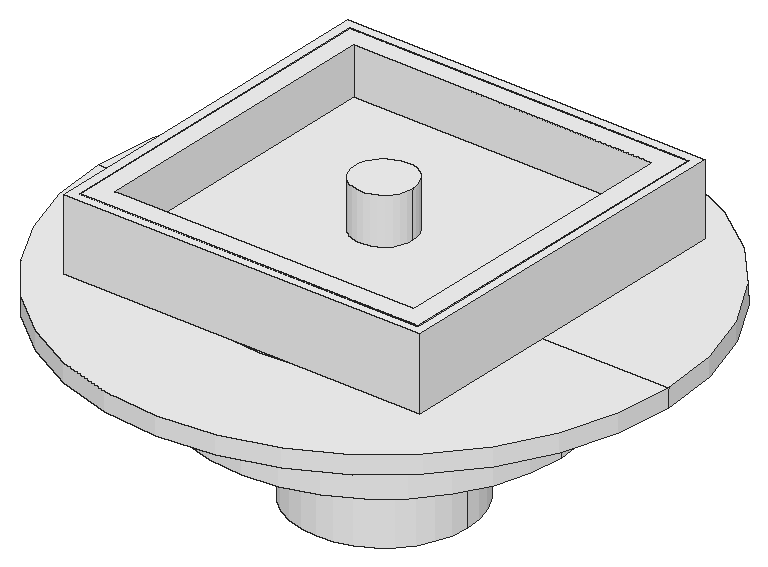
Revit family "Plumbing Fixture-FloorDrain_Mifab_C1100-US", category Plumbing Fixtures, host Face, Revit 2013
Parameters (values of type "2"")
  WFU = 0
  URL = "WWW.MIFAB.COM"
  Top Assembly Height = 1.250"
  Strainer Radius = Stainer Diameter / 2  # 4.000"
  Stainer Diameter = 8.000"
  Pipe Radius = Pipe Diameter / 2  # 1.000"
  Pipe Diameter = 2.000"
  Model = "C1100-US"
  Manufacturer = "MIFAB"
  Floor Drain Material = Paint - Sherwin Williams Paint - #952C2A - Bellwood Red
  Description = "FLOOR CLEANOUT FOR TERRAZZO AREAS WITH SQUARE ADJUSTABLE COVER AND PLUG"
  Default Elevation = 0.000"
  Body Height = 2.750"
Types (4): name | Pipe Radius | Pipe Diameter
  (no name) | 1.000" | 2.000"
  2" | 1.000" | 2.000"
  3" | 1.500" | 3.000"
  4" | 2.000" | 4.000"
Reference planes (in)
  plane 1 "Center (Front/Back)": y = 0
  plane 2: z = 0
  plane 3 "Center (Left/Right)": x = 0
  plane 4: x = -4
  plane 5: x = 4
  plane 6: z = -4
  plane 7: x = -1
  plane 8: x = 1
  plane 9: x = -2.31968
  plane 10: x = 2.31968
  plane 11: z = -1.25
Forms (in)
  Revolve 1, solid, material "Paint - Sherwin Williams Paint - #952C2A - Bellwood Red" <- "Floor Drain Material"
    sketch origin (0, 0, 0) x (1, 0, 0) y (0, 0, 1)
      loop
        line (1.2, -1.82) -> (1.2, -0.25) -> (1.05, -0.25) -> (1.05, -1.9) -> (1.12, -1.9) -> (1.2, -1.82)
      axis (0, -0.25) -> (0, -1.9)
    angle from 0 to 360
  Revolve 2, solid, material "Paint - Sherwin Williams Paint - #952C2A - Bellwood Red" <- "Floor Drain Material"
    sketch origin (0, 0, 0) x (1, 0, 0) y (0, 0, 1)
      loop
        line (2.32, -1.5) -> (2.32, -2.51151) -> (1, -2.86151) -> (1, -4) -> (1.18, -4) -> (1.18, -3) -> (2.5, -2.65) -> (2.5, -1.5) -> (4, -1.5) -> (4, -1.25) -> (2.2, -1.25) -> (2.12, -1.33) -> (2.12, -1.42) -> (2.2, -1.5) -> (2.32, -1.5)
      axis (0, -4) -> (0, -1.25)
    angle from 0 to 360
  Extrusion 3, solid, material "Paint - Sherwin Williams Paint - #952C2A - Bellwood Red" <- "Floor Drain Material"
    sketch origin (0, 0, 0) x (1, 0, 0) y (0, 1, 0)
      loop
        line (-2.5, 2.5) -> (-2.5, -2.5) -> (2.5, -2.5) -> (2.5, 2.5) -> (-2.5, 2.5)
    from 0 to -1
  Extrusion 4, void
    sketch origin (0, 0, 0) x (1, 0, 0) y (0, 1, 0)
      loop
        line (-2.375, 2.375) -> (-2.375, -2.375) -> (2.375, -2.375) -> (2.375, 2.375) -> (-2.375, 2.375)
    from 0 to -0.85
  Extrusion 5, solid, material "Paint - Sherwin Williams Paint - #952C2A - Bellwood Red" <- "Floor Drain Material"
    sketch origin (0, 0, 0) x (1, 0, 0) y (0, 1, 0)
      loop
        line (-2.375, 2.375) -> (-2.375, -2.375) -> (2.375, -2.375) -> (2.375, 2.375) -> (-2.375, 2.375)
    from 0 to -0.85
  Extrusion 6, void
    sketch origin (0, 0, 0) x (1, 0, 0) y (0, 1, 0)
      loop
        line (-2.097, 2.097) -> (-2.097, -2.097) -> (2.097, -2.097) -> (2.097, 2.097) -> (-2.097, 2.097)
    from 0 to -0.65
  Extrusion 7, solid, material "Paint - Sherwin Williams Paint - #952C2A - Bellwood Red" <- "Floor Drain Material"
    sketch origin (0, 0, 0) x (1, 0, 0) y (0, 1, 0)
      loop
        circle (0, 0) r 0.41
    from 0 to -0.65
Cuts and joins
  Extrusion 4 cuts Revolve 1
  Extrusion 4 cuts Extrusion 3
  joined: Revolve 1, Extrusion 3
  Extrusion 6 cuts Extrusion 5
  joined: Extrusion 5, Extrusion 7
Lines and regions (in)
  symbolic lines
    curve 1: circle (0, 0, 0) r 4 normal (0, 0, 1)
Dimensions and locks (in)
  equal spacing: plane 5, plane 3 "Center (Left/Right)", plane 4
  "Stainer Diameter": plane 5 to plane 4
  "Body Height": plane 11 to plane 6
  equal spacing: plane 8, plane 3 "Center (Left/Right)", plane 7
  "Pipe Diameter": plane 8 to plane 7
  "Top Assembly Height": host face to plane 11
  locked: Revolve 2 sketch curve to Revolve 2 sketch curve at 0.18
  locked: host face to Revolve 1 sketch curve at 0.25
  locked: Extrusion 3 sketch curve to Extrusion 3 sketch curve at 5  (x2)
  equal spacing: Extrusion 3 sketch curve, curve 1, Extrusion 3 sketch curve
  equal spacing: Extrusion 3 sketch curve, plane 3 "Center (Left/Right)", Extrusion 3 sketch curve
  locked: Extrusion 4 sketch curve to Extrusion 4 sketch curve at 4.75  (x2)
  equal spacing: Extrusion 4 sketch curve, plane 3 "Center (Left/Right)", Extrusion 4 sketch curve
  equal spacing: Extrusion 4 sketch curve, plane 1 "Center (Front/Back)", Extrusion 4 sketch curve
  locked: Extrusion 5 sketch curve to Extrusion 5 sketch curve at 4.75  (x2)
  equal spacing: Extrusion 5 sketch curve, plane 1 "Center (Front/Back)", Extrusion 5 sketch curve
  equal spacing: Extrusion 5 sketch curve, plane 3 "Center (Left/Right)", Extrusion 5 sketch curve
  locked: Extrusion 6 sketch curve to Extrusion 6 sketch curve at 4.194  (x2)
  equal spacing: Extrusion 6 sketch curve, plane 3 "Center (Left/Right)", Extrusion 6 sketch curve
  equal spacing: Extrusion 6 sketch curve, plane 1 "Center (Front/Back)", Extrusion 6 sketch curve
  "Strainer Radius": radius of curve 1
  diameter of Extrusion 7 sketch curve = 0.820"
  aligned and locked: plane 2 to host face
  aligned and locked: level to host face
  aligned and locked: plane 1 "Center (Front/Back)" to curve 1
  aligned and locked: plane 3 "Center (Left/Right)" to curve 1
  aligned and locked: Revolve 1 sketch curve to plane 3 "Center (Left/Right)"
  aligned and locked: plane 5 to Revolve 2 sketch curve
  aligned and locked: Revolve 2 sketch curve to plane 8
  aligned and locked: Revolve 2 sketch curve to plane 11
  aligned and locked: plane 3 "Center (Left/Right)" to Revolve 2 sketch curve
Automatic sketch dimensions
  host sketch curve to host sketch curve = 96.000"  (x2)
  Revolve 2 sketch curve to plane 6 = 0.000"  (x2)
  plane 10 to Revolve 2 sketch curve = 0.19968"
  Revolve 2 sketch curve to level = 0.000"
  Revolve 2 sketch curve to Revolve 2 sketch curve = 0.080"  (x3)
  Revolve 2 sketch curve to plane 10 = 0.00032"
  Revolve 2 sketch curve to Revolve 2 sketch curve = 0.180"
  Revolve 2 sketch curve to Revolve 2 sketch curve = 1.000"
  Revolve 2 sketch curve to Revolve 2 sketch curve = 0.13849"  (x2)
  plane 6 to Revolve 2 sketch curve = 1.350"
  Revolve 2 sketch curve to plane 11 = 0.250"
  Revolve 2 sketch curve to Revolve 2 sketch curve = 0.000"
  Revolve 2 sketch curve to plane 11 = 0.080"
  Revolve 1 sketch curve to plane 8 = 0.050"
  Revolve 1 sketch curve to plane 11 = 0.650"
  Revolve 1 sketch curve to plane 6 = 0.000"
  Revolve 1 sketch curve to level = 0.000"
  Revolve 1 sketch curve to Revolve 1 sketch curve = 0.070"
  Revolve 1 sketch curve to Revolve 1 sketch curve = 0.080"  (x2)
  plane 1 "Center (Front/Back)" to Extrusion 7 sketch curve = 0.000"
  Extrusion 7 sketch curve to plane 3 "Center (Left/Right)" = 0.000"
  plane 1 "Center (Front/Back)" to curve 1 = 0.000"
  curve 1 to plane 3 "Center (Left/Right)" = 0.000"
Connectors (in)
  piping at (0, 0, -4), driven by "Pipe Radius"
    settings: on Revolve 2, index 1, connector radius 1", flow factor 0, pipe flow 0 GPM, pressure drop 0.00 psi, fitting loss kfactor 0, connector angle 0.00°, fixture units 0, engagement length 0.000", flow configuration 0, flow direction 0, fitting loss method 0, system type 7, joint type 0, gender type 0, connector reference index -1, connector utility 0, adjustable connector no, is connector primary yes, fitting loss table "", connector description ""
